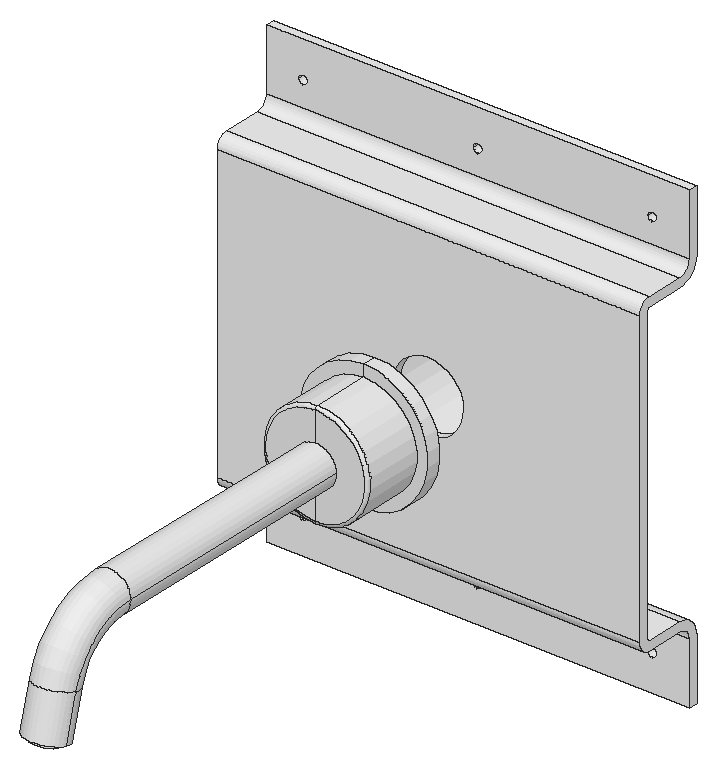
Revit family
Parameters (values of type "Serin Wall Mounted Faucet")
  Waste Connection = no
  Vent Connection = no
  URL = "http://www.americanstandard-us.com"
  Phone # = "416-250-5656"
  Model = "SERIN® SENSOR-OPERATED PROXIMITY LAVATORY FAUCET WALL-MOUNT"
  Material = Cast Brass
  Manufacturer = "American Standard"
  HW Connection = no
  Designed By = "ATS BIM Team"
  Description = "Wall-mount electronic faucet with proximity operation.\r\nVandal-resistant brass construction. Operates on DC \r\n(battery) or AC permanent power. Water pressure range \r\nfrom 20 - 120 psi. Single inlet. Includes flexible hose \r\nand exposed elbow for connection from the spout to the \r\ncontrol box."
  CW Connection = no
  Assembly Code = "D2010"
Reference planes (in)
  plane 1 "Center (Front/Back)": y = 0
  plane 2: z = 0
  plane 3 "Center (Left/Right)": x = 0
  plane 4: x = 5.375
  plane 5: x = 4.375
  plane 6: x = 1
  plane 7: z = 1.375
  plane 8: z = -1.375
  plane 9: y = -8.875
  plane 10: z = -2.09233
Forms (in)
  Revolve 1, solid, material "Cast Brass" <- "Material"
    sketch origin (0, -9.125, 0) x (0, 0, 1) y (0, 1, 0)
      loop
        line (0, 9.125) -> (0, 7.54224) -> (1.0625, 7.54224)
        arc (1.0625, 7.54224) -> (1.10669, 7.56054) -> (1.125, 7.60474) r 0.0625
        line (1.125, 7.60474) -> (1.125, 8.83117) -> (1.375, 8.83117) -> (1.375, 9.125) -> (0, 9.125)
      axis (0, 7.54224) -> (0, 9.125)
    angle from 0 to 360
  Sweep 2, solid, material "Cast Brass" <- "Material"
    path origin (0, -9.125, 0) x (0, 1, 0) y (0, 0, 1)
      loop
        line (7.54224, 0) -> (2.07086, 0)
        arc (2.07086, 0) -> (1.15772, -0.30997) -> (0.62197, -1.11177) r 1.5
        line (0.62197, -1.11177) -> (0.37329, -2.03987)
    profile origin (0, -4.31845, 0) x (0, 0, -1) y (1, 0, 0)
      loop
        circle (0, 0) r 0.43934
  Revolve 3, solid, material "Cast Brass" <- "Material"
    sketch origin (0, 0.7133, -2.22217) x (0, 0.965926, -0.258819) y (0, 0.258819, 0.965926)
      loop
        line (-9.41343, -2.27364) -> (-9.47485, -2.27364)
        arc (-9.47485, -2.27364) -> (-9.45894, -2.28955) -> (-9.47485, -2.30546) r 0.01591
        line (-9.47485, -2.30546) -> (-9.47485, -2.35759) -> (-9.41343, -2.35759) -> (-9.41343, -2.27364)
      axis (-9.18968, -2.35759) -> (-9.18968, -2.27364)
    angle from 0 to 360
  Revolve 4, solid, material "Cast Brass" <- "Material"
    sketch origin (0, 0, 0) x (0, 1, 0) y (0, 0, 1)
      loop
        line (1.62164, 1.25) -> (4.12164, 1.25) -> (4.12164, 1.375) -> (1.62164, 1.375) -> (1.62164, 1.25)
      axis (1.62164, 0) -> (4.12164, 0)
    angle from 0 to 360
Cuts and joins
  joined: Revolve 1, Sweep 2
Dimensions and locks (in)
  plane 7 to plane 8 = 2 3/4"
Nested families (in)
  nested 1: "Mounting_Kit-Wall_Mount_Faucet-American_Standard-R350" at (0, 1.43414, -4.9375), type "R350"
Definition of nested family "Mounting_Kit-Wall_Mount_Faucet-American_Standard-R350"
  Parameters (values of type "R350")
    Width = 9"
    Waste Connection = no
    Warranty Information = "Limited Lifetime"
    Vent Connection = no
    URL = "http://www.americanstandard-us.com/"
    Price = "Prices may vary. Please consult Manufacturer Representative for most up-to-date price list."  # constant formula
    Phone Number = "416-250-5656"  # constant formula
    Omniclass Table 23 Title = "Sanitary Faucets, Wasters"  # constant formula
    Omniclass Table 23 Code = "23.45.55.00"  # constant formula
    Model = "R350"
    Material = Aluminum-American Standard-Rough
    Masterformat Title = "Aluminum Frames"  # constant formula
    Masterformat Number = "08 12 16"  # constant formula
    Manufacturer = "American Standard"
    Length = 9 7/8"
    Installation Type = "In-Wall"
    HW Connection = no
    Description = "Serin wall mount faucet mounting kit"
    Depth = 1 1/2"
    Default Elevation = 0"
    Creation Date = "8/20/2014"  # constant formula
    Created By = "Allied Technical Services"  # constant formula
    CW Connection = no
    Assembly Code = "D2020300"
    ATS URL = "http://www.atsspec.net"
  Reference planes (in)
    plane 1 "Center (Front/Back)": y = 0
    plane 2: z = 0
    plane 3 "Center (Left/Right)": x = 0
    plane 4: z = 9.875
    plane 5: x = -4.5
    plane 6: x = 4.5
    plane 7: y = 1.5
    plane 8: z = 4.9375
    plane 9: y = 0.75
    plane 10: z = 9.09375
    plane 11: z = 0.78125
    plane 12: x = -3.71875
    plane 13: x = 3.71875
  Forms (in)
    Extrusion 1, solid, material "Aluminum-American Standard-Rough" <- "Material"
      sketch origin (0, 0, 0) x (0, 1, 0) y (0, 0, 1)
        loop
          line (1.5, 9.875) -> (1.3125, 9.875) -> (1.3125, 8.5625)
          arc (1.3125, 8.5625) -> (1.23928, 8.38572) -> (1.0625, 8.3125) r 0.25
          line (1.0625, 8.3125) -> (0.25, 8.3125)
          arc (0.25, 8.3125) -> (0.07322, 8.23928) -> (0, 8.0625) r 0.25
          line (0, 8.0625) -> (0, 1.8125)
          arc (0, 1.8125) -> (0.07322, 1.63572) -> (0.25, 1.5625) r 0.25
          line (0.25, 1.5625) -> (1.0625, 1.5625)
          arc (1.0625, 1.5625) -> (1.23928, 1.48928) -> (1.3125, 1.3125) r 0.25
          line (1.3125, 1.3125) -> (1.3125, 0) -> (1.5, 0) -> (1.5, 1.3125)
          arc (1.5, 1.3125) -> (1.37186, 1.62186) -> (1.0625, 1.75) r 0.4375
          line (1.0625, 1.75) -> (0.25, 1.75)
          arc (0.25, 1.75) -> (0.20581, 1.76831) -> (0.1875, 1.8125) r 0.0625
          line (0.1875, 1.8125) -> (0.1875, 8.0625)
          arc (0.1875, 8.0625) -> (0.20581, 8.10669) -> (0.25, 8.125) r 0.0625
          line (0.25, 8.125) -> (1.0625, 8.125)
          arc (1.0625, 8.125) -> (1.37186, 8.25314) -> (1.5, 8.5625) r 0.4375
          line (1.5, 8.5625) -> (1.5, 9.875)
      from -4.5 to 4.5
    Extrusion 2, void
      sketch origin (0, 0, 0) x (1, 0, 0) y (0, 0, 1)
        loop
          circle (-3.71875, 9.09375) r 0.09375
        loop
          circle (0, 9.09375) r 0.09375
        loop
          circle (3.71875, 9.09375) r 0.09375
        loop
          circle (-3.71875, 0.78125) r 0.09375
        loop
          circle (0, 0.78125) r 0.09375
        loop
          circle (3.71875, 0.78125) r 0.09375
        loop
          circle (0, 4.9375) r 0.75
      from -1.5 to 0
  Cuts and joins
    Extrusion 2 cuts Extrusion 1
  Dimensions and locks (in)
    "Width": plane 6 to plane 5
    "Length": plane 4 to level
    "Depth": plane 7 to plane 1 "Center (Front/Back)"
  Automatic sketch dimensions
    Extrusion 1 sketch curve to Extrusion 1 sketch curve = 0"  (x8)
    Extrusion 1 sketch curve to plane 1 "Center (Front/Back)" = 0"
    Extrusion 1 sketch curve to level = 0"
    Extrusion 1 sketch curve to plane 4 = 0"
    Extrusion 1 sketch curve to plane 7 = 0"  (x2)
    Extrusion 1 sketch curve to Extrusion 1 sketch curve = 3/16"
    Extrusion 1 sketch curve to plane 1 "Center (Front/Back)" = 1/4"  (x2)
    Extrusion 1 sketch curve to plane 9 = 5/16"
    Extrusion 1 sketch curve to Extrusion 1 sketch curve = 1/4"
    Extrusion 1 sketch curve to plane 11 = 17/32"
    Extrusion 1 sketch curve to plane 10 = 1 1/32"
    Extrusion 2 sketch curve to plane 11 = 0"  (x3)
    Extrusion 2 sketch curve to plane 12 = 0"  (x2)
    Extrusion 2 sketch curve to plane 10 = 0"  (x3)
    Extrusion 2 sketch curve to plane 3 "Center (Left/Right)" = 0"  (x3)
    plane 13 to Extrusion 2 sketch curve = 0"  (x2)
    Extrusion 2 sketch curve to plane 8 = 0"
    radius of Extrusion 2 sketch curve = 3/32"  (x6)
    radius of Extrusion 2 sketch curve = 3/4"
